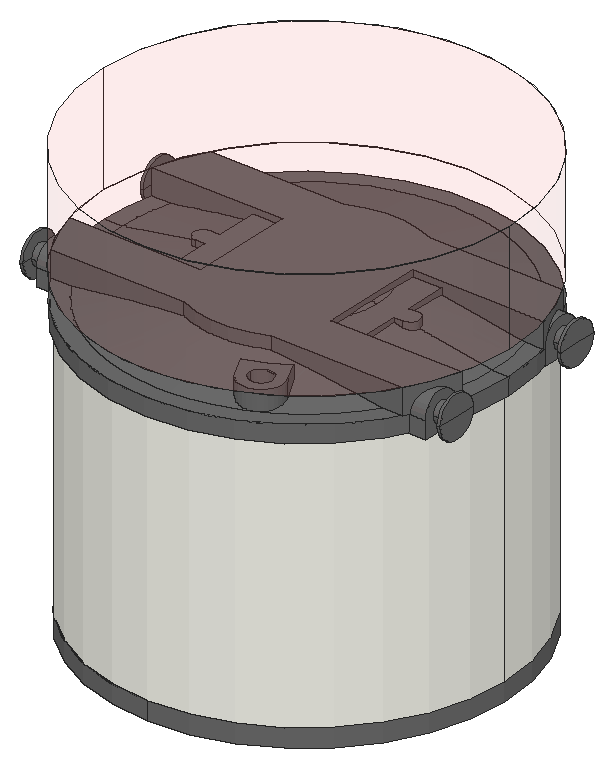
Revit family
Parameters (values of type "1098C4F")
  Watermarked By = "http://revitwatermark.com"
  Water_Ice Tank Volume = "980 Gallons"
  Warning = "Ice tanks are a component in an ice storage system including chillers, pumps, and controls. Contact CALMAC for IceBank® selection support to make sure all system components will work together properly."
  URL = "http://www.calmac.com/"
  Total Cooling Capacity [instance] = 0.0 ton
  Tank Net Usable Capacity = "98 Ton-Hrs"
  Product Page URL = "http://www.calmac.com/products/icebank.asp"
  Is Tank 1 Front Right Connector Visible = not(CTRL Off)  # yes
  Is Tank 1 Front Left Connector Visible = not(CTRL Off)  # yes
  Is Tank 1 Back Right Connector Visible = not(CTRL Off)  # yes
  Is Tank 1 Back Left Connector Visible = not(CTRL Off)  # yes
  Surface Finish = Plastic- Calmac- Black
  Supply Coolant Temperature [instance] = -459.67 °F
  Storage Inlet Temperature [instance] = 60 °F
  Shipping Weight = 1275.00 lbf
  Return Coolant Temperature [instance] = -459.67 °F
  Requires Plate Heat Exchanger [instance] = no
  Project/Customer = ""
  Product Documentation Link = "http://www.calmac.com/products/documents/CS-65Model1098C4FAug2007.pdf"
  Pressure Drop [instance] = 0.00 psi
  Precool Hours [instance] = 0
  Pipe Material = Plastic- Calmac- Black
  Operating Weight = 10235.00 lbf
  Occupied Hours [instance] = 0
  Model = "1098C"
  Maximum Operating Temperature = "38°C"
  Maximum Operating Pressure = "620 kPa"
  Manufacturer e-mail = "info@Calmac.com"
  Manufacturer Contact Details = "CALMAC Manufacturing Corporation Headquarters, 3-00 Banta Place, Fair Lawn, NJ  07410, Tel: (201) 797-1511, Fax: (201) 797-1522"
  Manufacturer = "CALMAC Manufacturing Corp."  # constant formula
  Main Use [instance] = ""
  Location [instance] = ""
  Lid Type = Cooling_Plant_Accessories-Calmac-IceBank-Lid_C : Lid-C
  Lid Diameter = 89"  # constant formula
  Leg 4 = 46"  # constant formula
  Leg 1 = 46"  # constant formula
  Latent Cooling Capacity [instance] = 0.0 ton
  Inlet Outlet Center Height = 64"  # constant formula
  Heat Exchanger Volume = "90 Gallons"
  Has Rigging Bar [instance] = no
  Has Plate and Frame Heat Exchanger [instance] = no
  Has Ice Inventory Meter [instance] = no
  Has Heat Transfer Fluid [instance] = no
  Has Glycol Management System [instance] = no
  Floor Loading Weight = "237 lb/sq.ft."
  Factory Tested Pressure = "1724 kPa"
  Diversity Factor [instance] = 0
  Discharge Rate [instance] = 0
  Discharge Hours [instance] = 0
  Description = "Off-Peak Cooling System"
  Is Clearance Box Visible [instance] = yes
  Clearance Box Height = 24"  # constant formula
  City/State [instance] = ""
  CTRL On = yes
  CTRL Off = not(CTRL On)  # no
  CTRL Hydronic Supply Description = "Hydronic Supply"  # constant formula
  CTRL Hydronic Return Description = "Hydronic Return"  # constant formula
  CTRL Base Radius = 43 31/64"
  Body Material = Plastic- Calmac- Off_White
  Has Solid Base [instance] = yes
  Base Height = Inlet Outlet Center Height - 3 3/4"  # 60 1/4"
  Base Finish = Plastic- Calmac- Black
  Assembly Code = "D3030300"
  Actual Chilled Water Flow [instance] = 0 GPM
Reference planes (in)
  plane 1 "Center (Front/Back)": y = 0
  plane 2 "Bottom": z = 0
  plane 3 "Center (Left/Right)": x = 0
  plane 4 "T.O. Base": z = 60.25
  plane 5 "Inlet/Outlet Center (Elevation)": z = 64
  plane 6 "Right Connector Face": x = 46
  plane 7 "Left Connector Face": x = -46
  plane 8 "T.O. Lid": z = 69.5
  plane 9 "Top": z = 93.5
  plane 10 "Front Connector Center (F/B)": y = -16.5
  plane 11 "Back Connector Center (F/B)": y = 16.5
  plane 12 "Back": y = 44.5
  plane 13 "Front": y = -44.5
Dimensions and locks (in)
  locked: plane 5 "Inlet/Outlet Center (Elevation)" to plane 4 "T.O. Base" at 3.75
  "Inlet Outlet Center Height": plane 5 "Inlet/Outlet Center (Elevation)" to plane 2 "Bottom"
  "Leg 1": plane 3 "Center (Left/Right)" to plane 6 "Right Connector Face"
  "Leg 4": plane 7 "Left Connector Face" to plane 3 "Center (Left/Right)"
  locked: plane 8 "T.O. Lid" to plane 5 "Inlet/Outlet Center (Elevation)" at 5.5
  locked: plane 1 "Center (Front/Back)" to plane 11 "Back Connector Center (F/B)" at 16.5
  locked: plane 10 "Front Connector Center (F/B)" to plane 1 "Center (Front/Back)" at 16.5
  locked: plane 1 "Center (Front/Back)" to plane 12 "Back" at 44.5
  locked: plane 13 "Front" to plane 1 "Center (Front/Back)" at 44.5
  "Clearance Box Height": plane 9 "Top" to plane 8 "T.O. Lid"
  plane 7 "Left Connector Face" to plane 6 "Right Connector Face" = 92"
  plane 13 "Front" to plane 12 "Back" = 89"
  aligned and locked: plane 1 "Center (Front/Back)" to nested 1
  aligned and locked: plane 3 "Center (Left/Right)" to nested 1
  aligned and locked: plane 3 "Center (Left/Right)" to nested 2
  aligned and locked: plane 1 "Center (Front/Back)" to nested 2
  aligned and locked: plane 4 "T.O. Base" to nested 2
  aligned and locked: plane 2 "Bottom" to nested 1
Nested families (in)
  nested 1: "Cooling_Plant_Accessories-Calmac-IceBank-Base" at (0, 0, 0), type "Base"
    with Is Symbolic Line Visible no, Has Solid Base yes, CTRL Inner Wall Radius 42 39/64", CTRL Base Radius 43 31/64", Base Height 60 1/4"
  nested 2: "Cooling_Plant_Accessories-Calmac-IceBank-Lid_C" at (0, 0, 60.25), type <- "Lid Type", Is Front Right  Flanged Connector Visibility <- "Is Tank 1 Front Right Connector Visible", Is Front Left  Flanged Connector Visibility <- "Is Tank 1 Front Left Connector Visible", Is Clearance Box Visible <- "Is Clearance Box Visible", Is Back Right Flanged Connector Visibility <- "Is Tank 1 Back Right Connector Visible", Is Back Left  Flanged Connector Visibility <- "Is Tank 1 Back Left Connector Visible", Diameter <- "Lid Diameter", Clearance Box Height <- "Clearance Box Height", type "Lid-C"
    with Is Front Right  Flanged Connector Visibility yes, Is Front Left  Flanged Connector Visibility yes, Is Clearance Box Visible yes, Is Back Right Flanged Connector Visibility yes, Is Back Left  Flanged Connector Visibility yes, Diameter 89", Clearance Box Height 24", CTRL Radius 44 1/2"
Connectors (in)
  piping at (46.0007, -16.5, 64), driven by "CTRL Hydronic Return Description", driven by "Actual Chilled Water Flow"
    settings: on nested 2, index 2, connector radius 2", flow factor 0, pipe flow 0 GPM, pressure drop 0.00 psi, fitting loss kfactor 0, connector angle 0.00°, fixture units 0, flow configuration 0, flow direction 1, fitting loss method 0, system type 8, connector reference index -1, connector utility 0, adjustable connector no, is connector primary yes, fitting loss table "", connector description "Hydronic Return"
  piping at (46.0007, 16.5, 64), driven by "CTRL Hydronic Supply Description", driven by "Actual Chilled Water Flow"
    settings: on nested 2, index 3, connector radius 2", flow factor 0, pipe flow 0 GPM, pressure drop 0.00 psi, fitting loss kfactor 0, connector angle 0.00°, fixture units 0, flow configuration 0, flow direction 2, fitting loss method 0, system type 7, connector reference index -1, connector utility 0, adjustable connector no, is connector primary no, fitting loss table "", connector description "Hydronic Supply"
  piping at (-46.0007, 16.5, 64)
    settings: on nested 2, index 4, connector radius 2", flow factor 0, pipe flow 0 GPM, pressure drop 0.00 psi, fitting loss kfactor 0, connector angle 0.00°, fixture units 0, flow configuration 0, flow direction 0, fitting loss method 0, system type 7, connector reference index -1, connector utility 0, adjustable connector no, is connector primary no, fitting loss table "", connector description ""
  piping at (-46.0007, -16.5, 64)
    settings: on nested 2, index 5, connector radius 2", flow factor 0, pipe flow 0 GPM, pressure drop 0.00 psi, fitting loss kfactor 0, connector angle 0.00°, fixture units 0, flow configuration 0, flow direction 0, fitting loss method 0, system type 7, connector reference index -1, connector utility 0, adjustable connector no, is connector primary no, fitting loss table "", connector description ""
Definition of nested family "Cooling_Plant_Accessories-Calmac-IceBank-Base"
  Parameters (values of type "Base")
    Wall Thickness = 7/8"
    URL = "http://www.calmac.com/"
    Type Comments = ""
    Is Symbolic Line Visible = not(Has Solid Base)  # yes
    Has Solid Base = no
    Model = ""
    Manufacturer = "CALMAC Manufacturing Corp."  # constant formula
    CTRL Inner Wall Radius = CTRL Base Radius - Wall Thickness  # 36"
    CTRL Base Radius = 36 7/8"
    Body Material = Plastic- Calmac- Off_White
    Base Height = 43 5/16"
    Base Finish = Plastic- Calmac- Black
    Assembly Code = "D3030"
  Reference planes (in)
    plane 1 "Center (Front/Back)": y = 0
    plane 2 "Bottom": z = 0
    plane 3 "Center (Left/Right)": x = 0
    plane 4 "Back": y = 36.875
    plane 5 "Front": y = -36.875
    plane 6 "Right": x = 36.875
    plane 7 "Left": x = -36.875
    plane 8 "T.O. Base Plate": z = 4
    plane 9 "Right Edge of Right Void": x = 24.125
    plane 10 "Left Edge of Right Void": x = 13.125
    plane 11 "Left Edge of Left Void": x = -24.125
    plane 12 "Right Edge of Left Void": x = -13.125
    plane 13 "T.O. Base Void": z = 2
    plane 14 "T.O. Base": z = 43.3125
  Forms (in)
    Extrusion 1, solid, material "Plastic- Calmac- Black" <- "Base Finish", visible <- "Is Symbolic Line Visible", detail levels fine
      sketch origin (0, 0, 0) x (1, 0, 0) y (0, 1, 0)
        loop
          circle (0, 0) r 36.875
      from 0 to 4
    Extrusion 2, void
      sketch origin (0, 0, 0) x (1, 0, 0) y (0, 1, 0)
        loop
          line (-24.125, 36.875) -> (-24.125, -36.875) -> (-13.125, -36.875) -> (-13.125, 36.875) -> (-24.125, 36.875)
        loop
          line (13.125, 36.875) -> (13.125, -36.875) -> (24.125, -36.875) -> (24.125, 36.875) -> (13.125, 36.875)
      from 0 to 2
    Extrusion 3, solid, material "Plastic- Calmac- Off_White" <- "Body Material", detail levels fine
      sketch origin (0, 0, 0) x (1, 0, 0) y (0, 1, 0)
        loop
          circle (0, 0) r 36.875
        loop
          circle (0, 0) r 36
      from 4 to 43.3125
    Extrusion 4, solid, material "Plastic- Calmac- Black" <- "Base Finish", visible <- "Has Solid Base", detail levels fine
      sketch origin (0, 0, 43.3125) x (0, -1, 0) y (1, 0, 0)
        loop
          circle (0, 0) r 36.875
      from -43.3125 to -39.3125
  Cuts and joins
    Extrusion 2 cuts Extrusion 3
    Extrusion 2 cuts Extrusion 1
  Lines and regions (in)
    Masking region 1
      outline origin (0, 0, 0) x (1, 0, 0) y (0, 1, 0)
        loop
          circle (0, 0) r 36.875
    Masking region 2
      outline origin (0, 0, 0) x (1, 0, 0) y (0, 0, 1)
        loop
          line (-36.875, 0) -> (36.875, 0) -> (36.875, 43.3125) -> (-36.875, 43.3125) -> (-36.875, 0)
    Masking region 3
      outline origin (0, 0, 0) x (0, 1, 0) y (0, 0, 1)
        loop
          line (-36.875, 0) -> (36.875, 0) -> (36.875, 43.3125) -> (-36.875, 43.3125) -> (-36.875, 0)
    symbolic lines, style "Base", detail levels medium+fine
      curve 1: line (-36.875, 0, 4) -> (36.875, 0, 4)
      curve 8: line (0, -36.875, 4) -> (0, 36.875, 4)
    symbolic lines, style "Base", visible <- "Is Symbolic Line Visible", detail levels medium+fine
      curve 2: line (-24.125, 0, 0) -> (-24.125, 0, 2)
      curve 3: line (-24.125, 0, 2) -> (-13.125, 0, 2)
      curve 4: line (13.125, 0, 2) -> (24.125, 0, 2)
      curve 5: line (13.125, 0, 0) -> (13.125, 0, 2)
      curve 6: line (24.125, 0, 0) -> (24.125, 0, 2)
      curve 7: line (-13.125, 0, 0) -> (-13.125, 0, 2)
    model lines, style "Base", detail levels medium
      curve 9: circle (0, 0, 43.3125) r 36.875 normal (0, 0, 1)
      curve 10: circle (0, 0, 4) r 36.875 normal (0, 0, 1)
      curve 11: circle (0, 0, 0) r 36.875 normal (0, 0, 1)
      curve 12: line (36.875, 0, 0) -> (36.875, 0, 43.3125)
      curve 13: line (-36.875, 0, 0) -> (-36.875, 0, 43.3125)
      curve 14: line (0, -36.875, 0) -> (0, -36.875, 43.3125)
      curve 15: line (0, 36.875, 0) -> (0, 36.875, 43.3125)
    model lines, style "Base", detail levels coarse
      curve 16: line (0, 0, 0) -> (0, 0, 43.3125)
  Dimensions and locks (in)
    locked: plane 7 "Left" to plane 11 "Left Edge of Left Void" at 12.75
    locked: plane 7 "Left" to plane 12 "Right Edge of Left Void" at 23.75
    locked: plane 9 "Right Edge of Right Void" to plane 6 "Right" at 12.75
    locked: plane 10 "Left Edge of Right Void" to plane 6 "Right" at 23.75
    "CTRL Base Radius": plane 7 "Left" to plane 3 "Center (Left/Right)"
    "CTRL Base Radius": plane 3 "Center (Left/Right)" to plane 6 "Right"
    "CTRL Base Radius": plane 1 "Center (Front/Back)" to plane 4 "Back"
    "CTRL Base Radius": plane 5 "Front" to plane 1 "Center (Front/Back)"
    locked: plane 8 "T.O. Base Plate" to plane 2 "Bottom" at 4
    "Base Height": plane 14 "T.O. Base" to plane 2 "Bottom"
    locked: plane 13 "T.O. Base Void" to plane 2 "Bottom" at 2
    "CTRL Base Radius": radius of Extrusion 1 sketch curve
    "CTRL Base Radius": radius of Extrusion 3 sketch curve
    "CTRL Inner Wall Radius": radius of Extrusion 3 sketch curve
    "CTRL Base Radius": radius of Masking region 1 sketch curve
    "CTRL Base Radius": radius of curve 9
    "CTRL Base Radius": radius of curve 10
    "CTRL Base Radius": radius of curve 11
    "CTRL Base Radius": radius of Extrusion 4 sketch curve
    aligned and locked: plane 3 "Center (Left/Right)" to Extrusion 1 sketch curve
    aligned and locked: plane 1 "Center (Front/Back)" to Extrusion 1 sketch curve
    aligned and locked: Extrusion 1 to plane 2 "Bottom"
    aligned and locked: plane 8 "T.O. Base Plate" to Extrusion 1
    aligned and locked: plane 2 "Bottom" to Extrusion 1
    aligned and locked: Extrusion 2 sketch curve to plane 4 "Back"  (x2)
    aligned and locked: Extrusion 2 sketch curve to plane 12 "Right Edge of Left Void"
    aligned and locked: plane 11 "Left Edge of Left Void" to Extrusion 2 sketch curve
    aligned and locked: Extrusion 2 sketch curve to plane 5 "Front"  (x2)
    aligned and locked: Extrusion 2 sketch curve to plane 10 "Left Edge of Right Void"
    aligned and locked: Extrusion 2 sketch curve to plane 9 "Right Edge of Right Void"
    aligned and locked: plane 13 "T.O. Base Void" to Extrusion 2
    aligned and locked: Extrusion 2 to plane 2 "Bottom"
    aligned and locked: Extrusion 2 to plane 5 "Front"
    aligned and locked: plane 4 "Back" to Extrusion 2
    aligned and locked: Extrusion 2 to plane 13 "T.O. Base Void"  (x2)
    aligned and locked: plane 11 "Left Edge of Left Void" to Extrusion 2
    aligned and locked: plane 2 "Bottom" to Extrusion 2  (x2)
    aligned and locked: Extrusion 2 to plane 12 "Right Edge of Left Void"
    aligned and locked: plane 10 "Left Edge of Right Void" to Extrusion 2
    aligned and locked: Extrusion 2 to plane 9 "Right Edge of Right Void"
    aligned and locked: plane 3 "Center (Left/Right)" to Extrusion 3 sketch curve  (x2)
    aligned and locked: plane 1 "Center (Front/Back)" to Extrusion 3 sketch curve  (x2)
    aligned and locked: Extrusion 3 to plane 8 "T.O. Base Plate"
    aligned and locked: plane 14 "T.O. Base" to Extrusion 3
    aligned and locked: plane 3 "Center (Left/Right)" to Masking region 1 sketch curve
    aligned and locked: plane 1 "Center (Front/Back)" to Masking region 1 sketch curve
    aligned and locked: Masking region 2 sketch curve to plane 14 "T.O. Base"
    aligned and locked: plane 6 "Right" to Masking region 2 sketch curve
    aligned and locked: plane 2 "Bottom" to Masking region 2 sketch curve
    aligned and locked: Masking region 2 sketch curve to plane 7 "Left"
    aligned and locked: plane 7 "Left" to curve 1
    aligned and locked: plane 6 "Right" to curve 1
    aligned and locked: curve 1 to plane 8 "T.O. Base Plate"
    aligned and locked: plane 11 "Left Edge of Left Void" to curve 3
    aligned and locked: plane 12 "Right Edge of Left Void" to curve 3
    aligned and locked: curve 3 to plane 13 "T.O. Base Void"
    aligned and locked: plane 2 "Bottom" to curve 2
    aligned and locked: curve 2 to plane 11 "Left Edge of Left Void"
    aligned and locked: plane 10 "Left Edge of Right Void" to curve 4
    aligned and locked: plane 9 "Right Edge of Right Void" to curve 4
    aligned and locked: plane 13 "T.O. Base Void" to curve 5
    aligned and locked: plane 13 "T.O. Base Void" to curve 6
    aligned and locked: plane 2 "Bottom" to curve 5
    aligned and locked: curve 5 to plane 10 "Left Edge of Right Void"
    aligned and locked: curve 6 to plane 9 "Right Edge of Right Void"
    aligned and locked: plane 13 "T.O. Base Void" to curve 7
    aligned and locked: plane 2 "Bottom" to curve 7
    aligned and locked: curve 7 to plane 12 "Right Edge of Left Void"
    aligned and locked: plane 5 "Front" to Masking region 3 sketch curve
    aligned and locked: plane 14 "T.O. Base" to Masking region 3 sketch curve
    aligned and locked: Masking region 3 sketch curve to plane 4 "Back"
    aligned and locked: plane 2 "Bottom" to Masking region 3 sketch curve
    aligned and locked: plane 4 "Back" to curve 8
    aligned and locked: plane 5 "Front" to curve 8
    aligned and locked: curve 8 to plane 8 "T.O. Base Plate"
    aligned and locked: plane 3 "Center (Left/Right)" to curve 9
    aligned and locked: plane 1 "Center (Front/Back)" to curve 9
    aligned and locked: curve 9 to plane 14 "T.O. Base"
    aligned and locked: curve 10 to plane 8 "T.O. Base Plate"
    aligned and locked: plane 3 "Center (Left/Right)" to curve 10
    aligned and locked: plane 1 "Center (Front/Back)" to curve 10
    aligned: curve 11 to plane 2 "Bottom"
    aligned and locked: plane 3 "Center (Left/Right)" to curve 11
    aligned and locked: plane 1 "Center (Front/Back)" to curve 11
    aligned and locked: plane 14 "T.O. Base" to curve 12
    aligned and locked: plane 14 "T.O. Base" to curve 13
    aligned and locked: plane 2 "Bottom" to curve 12
    aligned and locked: plane 2 "Bottom" to curve 13
    aligned and locked: curve 12 to plane 6 "Right"
    aligned and locked: curve 13 to plane 7 "Left"
    aligned and locked: curve 12 to plane 1 "Center (Front/Back)"
    aligned and locked: curve 13 to plane 1 "Center (Front/Back)"
    aligned and locked: plane 14 "T.O. Base" to curve 14
    aligned and locked: plane 14 "T.O. Base" to curve 15
    aligned and locked: plane 2 "Bottom" to curve 14
    aligned and locked: plane 2 "Bottom" to curve 15
    aligned and locked: plane 4 "Back" to curve 15
    aligned and locked: plane 5 "Front" to curve 14
    aligned and locked: plane 3 "Center (Left/Right)" to curve 14
    aligned and locked: plane 3 "Center (Left/Right)" to curve 15
    aligned and locked: plane 14 "T.O. Base" to curve 16
    aligned and locked: plane 2 "Bottom" to curve 16
    aligned and locked: plane 3 "Center (Left/Right)" to curve 16
    aligned and locked: curve 16 to plane 1 "Center (Front/Back)"
    aligned and locked: plane 1 "Center (Front/Back)" to Extrusion 4 sketch curve
    aligned and locked: plane 3 "Center (Left/Right)" to Extrusion 4 sketch curve
    aligned and locked: plane 8 "T.O. Base Plate" to Extrusion 4
    aligned and locked: Extrusion 4 to plane 2 "Bottom"
  Automatic sketch dimensions
    curve 6 to level = 0"
Definition of nested family "Cooling_Plant_Accessories-Calmac-IceBank-Lid_C"
  Parameters (values of type "Lid-C")
    Surface Finish = Plastic- Calmac- Black
    Pipe Material = Plastic- Calmac- Black
    Is Front Right  Flanged Connector Visibility [instance] = yes
    Is Front Left  Flanged Connector Visibility [instance] = yes
    Diameter [instance] = 88 5/8"
    Is Clearance Box Visible [instance] = yes
    Clearance Box Height [instance] = 36"
    CTRL Radius [instance] = Diameter / 2  # 44 5/16"
    Is Back Right Flanged Connector Visibility [instance] = yes
    Is Back Left  Flanged Connector Visibility [instance] = yes
  Reference planes (in)
    plane 1 "Center (Front/Back)": y = 0
    plane 2 "Bottom": z = 0
    plane 3 "Center (Left/Right)": x = 0
    plane 4 "Back": y = 44.315
    plane 5 "Back Connector Back": y = 20.75
    plane 6 "Back Connector Center": y = 16.5
    plane 7 "Back Connector Front": y = 12.25
    plane 8 "Piping Back": y = 21.88647
    plane 9 "Rigging Back": y = 11.25
    plane 10 "Rigging Loop Back": y = 2
    plane 11 "Top Back Edge": y = 24
    plane 12 "Back Inset": y = 40.5
    plane 13 "Back Bolt Front": y = 41.313
    plane 14 "Front": y = -44.315
    plane 15 "Front Connection Front": y = -20.75
    plane 16 "Fron Connector Center": y = -16.5
    plane 17 "Front Connector Back": y = -12.25
    plane 18 "Piping Front": y = -21.88647
    plane 19 "Rigging Front": y = -11.25
    plane 20 "Rigging Loop Front": y = -2
    plane 21 "Top Front Edge": y = -24
    plane 22 "Front Inset": y = -40.5
    plane 23 "Pad Eye Back Right": y = -25.81593
    plane 24 "Pad Eye Back Left Offset": y = -29.90257
    plane 25 "Pad Eye Hole": y = -34.65277
    plane 26 "Pad Eye Back Left": y = -29.72849
    plane 27 "Pad Eye Front Center": y = -36.16371
    plane 28 "Left Connection": x = -44.04297
    plane 29 "Left": x = -44.31273
    plane 30 "Left Lip Inset": x = -40.49773
    plane 31 "Left Rigging Loop Left": x = -24.67173
    plane 32 "Left Rigging Loop Inset": x = -21.42181
    plane 33 "Left Rigging Loop Right": x = -20.67011
    plane 34 "Left Rigging Right": x = -14.19546
    plane 35 "Top Left": x = -9.54335
    plane 36 "Right Connection": x = 44.04297
    plane 37 "Right": x = 44.31273
    plane 38 "Lid Inset Right": x = 40.49773
    plane 39 "Right Rigging Loop Right": x = 24.67173
    plane 40 "Right Rigging Loop Inset": x = 21.42181
    plane 41 "Right Rigging Loop Left": x = 20.67011
    plane 42 "Right Rigging Left": x = 14.19546
    plane 43 "Top Right": x = 9.54335
    plane 44 "Connection Sleeve Left": x = -42.58273
    plane 45 "Connection Sleeve Right": x = 42.58273
    plane 46 "Right Center": x = 17.8202
    plane 47 "Bolt Inset Right": x = 1.00017
    plane 48 "Bolt Inset Left": x = -1.00017
    plane 49 "Bolt Inset Center": y = 42.31422
    plane 50 "Top Left Inset": x = -38.53052
    plane 51 "Top Right Inset": x = 38.53052
    plane 52 "Right Side Chanel": x = 42.86089
    plane 53 "Left Side Channel": x = -42.86089
    plane 54 "Top of Clearance Box": z = 45.25
    plane 55 "Top": z = 9.25
    plane 56 "Connector Channel Top": z = 8
    plane 57 "Center (Elevation)": z = 3.75
    plane 58 "Front Inset 2": y = -36.85443
    plane 59 "Flange Left": x = -46.0007
    plane 60 "Flange Right": x = 46.0007
  Forms (in)
    Revolve 1, solid, material "Plastic- Calmac- Black" <- "Surface Finish", detail levels fine
      sketch origin (0, 0, 0) x (1, 0, 0) y (0, 0, 1)
        loop
          line (0, 9) -> (0, 0) -> (44.31273, 0) -> (44.31273, 3.75) -> (40.49773, 3.75) -> (9.54335, 9) -> (0, 9)
        axis (0, 9) -> (0, 0)
      angle from 0 to 360
    Extrusion 2, solid, material "Plastic- Calmac- Black" <- "Surface Finish", detail levels fine
      sketch origin (0, 0, 0) x (1, 0, 0) y (0, 1, 0)
        loop
          arc (-38.53052, 21.88647) -> (-41.04173, 16.70911) -> (-42.86089, 11.25) r 44.31273
          line (-42.86089, 11.25) -> (-14.19546, 11.25) -> (-14.19546, -11.25) -> (-42.86089, -11.25)
          arc (-42.86089, -11.25) -> (-41.04173, -16.70911) -> (-38.53052, -21.88647) r 44.31273
          line (-38.53052, -21.88647) -> (-9.54335, -21.88647)
          arc (-9.54335, -21.88647) -> (0, -24) -> (9.54335, -21.88647) r 22.60261
          line (9.54335, -21.88647) -> (38.53052, -21.88647)
          arc (38.53052, -21.88647) -> (41.04173, -16.70911) -> (42.86089, -11.25) r 44.31273
          line (42.86089, -11.25) -> (14.19546, -11.25) -> (14.19546, 11.25) -> (42.86089, 11.25)
          arc (42.86089, 11.25) -> (41.04173, 16.70911) -> (38.53052, 21.88647) r 44.31273
          line (38.53052, 21.88647) -> (9.54335, 21.88647)
          arc (9.54335, 21.88647) -> (0, 24) -> (-9.54335, 21.88647) r 22.60261
          line (-9.54335, 21.88647) -> (-38.53052, 21.88647)
      from 3.75 to 9.25
    Extrusion 3, solid, material "Plastic- Calmac- Black" <- "Surface Finish", detail levels fine
      sketch origin (0, 0, 0) x (0, 1, 0) y (0, 0, 1)
        loop
          arc (20.75, 3.75) -> (16.5, 8) -> (12.25, 3.75) r 4.25
          line (12.25, 3.75) -> (12.25, 0) -> (20.75, 0) -> (20.75, 3.75)
        loop
          arc (-12.25, 3.75) -> (-16.5, 8) -> (-20.75, 3.75) r 4.25
          line (-20.75, 3.75) -> (-20.75, 0) -> (-12.25, 0) -> (-12.25, 3.75)
      from -42.58273 to 42.58273
    Extrusion 4, solid, material "Plastic- Calmac- Black" <- "Surface Finish", detail levels fine
      sketch origin (0, 0, 0) x (1, 0, 0) y (0, 1, 0)
        loop
          circle (15.75299, -32.19443) r 2.46875
        loop
          arc (17.70624, -25.58301) -> (13.67455, -27.9461) -> (9.33437, -29.67863) r 31.11
          line (9.33437, -29.67863) -> (11.56709, -34.24232)
          arc (11.56709, -34.24232) -> (17.80089, -36.38032) -> (19.93889, -30.14653) r 4.66
          line (19.93889, -30.14653) -> (17.70624, -25.58301)
      from 3.75 to 8
    Extrusion 5, solid, material "Plastic- Calmac- Black" <- "Surface Finish", detail levels fine
      sketch origin (0, 0, 0) x (1, 0, 0) y (0, 1, 0)
        loop
          line (-20.67011, 11.25) -> (-20.67011, 2) -> (-22.67173, 2)
          arc (-22.67173, 2) -> (-24.67173, 0) -> (-22.67173, -2) r 2
          line (-22.67173, -2) -> (-20.67011, -2) -> (-20.67011, -11.25) -> (-14.19546, -11.25) -> (-14.19546, 11.25) -> (-20.67011, 11.25)
        loop
          line (20.67011, 2) -> (20.67011, 11.25) -> (14.19546, 11.25) -> (14.19546, -11.25) -> (20.67011, -11.25) -> (20.67011, -2) -> (22.67548, -2)
          arc (22.67548, -2) -> (24.67548, 0) -> (22.67548, 2) r 2
          line (22.67548, 2) -> (20.67011, 2)
      from 3.75 to 8
  Cuts and joins
    joined: Revolve 1, Extrusion 2, Extrusion 4, Extrusion 5
  Lines and regions (in)
    Masking region 1
      outline origin (0, 0, 0) x (1, 0, 0) y (0, 0, 1)
        loop
          line (-44.31273, 9.25) -> (-44.31273, 0) -> (44.31273, 0) -> (44.31273, 9.25) -> (-44.31273, 9.25)
    Masking region 2
      outline origin (0, 0, 0) x (0, 1, 0) y (0, 0, 1)
        loop
          line (44.315, 3.75) -> (40.5, 3.75) -> (24, 6.54801) -> (24, 9.25) -> (-24, 9.25) -> (-24, 6.54801) -> (-25.58301, 6.26888) -> (-25.58301, 8) -> (-36.85443, 8) -> (-36.85443, 4.39281) -> (-40.5, 3.75) -> (-44.315, 3.75) -> (-44.315, 0) -> (44.315, 0) -> (44.315, 3.75)
    Masking region 3
      outline origin (0, 0, 3.75) x (-1, 0, 0) y (0, -1, 0)
        loop
          arc (-44.31273, 0) -> (-43.8781, -6.19116) -> (-42.58273, -12.26088) r 44.31273
          line (-42.58273, -12.26088) -> (-42.58273, -20.75) -> (-39.15426, -20.75)
          arc (-39.15426, -20.75) -> (0, -44.31273) -> (39.15426, -20.75) r 44.31273
          line (39.15426, -20.75) -> (42.58273, -20.75) -> (42.58273, -12.26088)
          arc (42.58273, -12.26088) -> (43.8781, -6.19116) -> (44.31273, 0) r 44.31273
          arc (44.31273, 0) -> (43.8781, 6.19116) -> (42.58273, 12.26088) r 44.31273
          line (42.58273, 12.26088) -> (42.58273, 20.75) -> (39.15426, 20.75)
          arc (39.15426, 20.75) -> (0, 44.31273) -> (-39.15426, 20.75) r 44.31273
          line (-39.15426, 20.75) -> (-42.58273, 20.75) -> (-42.58273, 12.26088)
          arc (-42.58273, 12.26088) -> (-43.8781, 6.19116) -> (-44.31273, 0) r 44.31273
    symbolic lines, detail levels fine
      curve 1: line (1.00017, 44.315, 3.75) -> (1.00017, 42.31422, 3.75)
      curve 2: line (-1.00017, 44.315, 3.75) -> (-1.00017, 42.31422, 3.75)
      curve 3: arc (-1.00017, 42.31422, 3.75) -> (0, 41.31405, 3.75) -> (1.00017, 42.31422, 3.75) r 1.00017
      curve 4: line (10.83611, 42.98137, 3.75) -> (10.39089, 41.03076, 3.75)
      curve 5: line (8.88592, 43.42649, 3.75) -> (8.44071, 41.47588, 3.75)
      curve 6: arc (8.44071, 41.47588, 3.75) -> (9.19324, 40.27822, 3.75) -> (10.39089, 41.03076, 3.75) r 1.00017
      curve 7: line (-8.88592, 43.42649, 3.75) -> (-8.44071, 41.47588, 3.75)
      curve 8: line (-10.83611, 42.98137, 3.75) -> (-10.39089, 41.03076, 3.75)
      curve 9: arc (-10.39089, 41.03076, 3.75) -> (-9.19324, 40.27822, 3.75) -> (-8.44071, 41.47588, 3.75) r 1.00017
      curve 10: line (-18.32644, 40.36039, 3.75) -> (-17.45833, 38.55775, 3.75)
      curve 11: line (-20.12868, 39.49248, 3.75) -> (-19.26058, 37.68984, 3.75)
      curve 12: arc (-19.26058, 37.68984, 3.75) -> (-17.9255, 37.22267, 3.75) -> (-17.45833, 38.55775, 3.75) r 1.00017
      curve 13: line (-26.84799, 35.27046, 3.75) -> (-25.60052, 33.70619, 3.75)
      curve 14: line (-28.41192, 34.02327, 3.75) -> (-27.16445, 32.45899, 3.75)
      curve 15: arc (-27.16445, 32.45899, 3.75) -> (-25.75889, 32.30063, 3.75) -> (-25.60052, 33.70619, 3.75) r 1.00017
      curve 16: line (-34.02327, 28.41192, 3.75) -> (-32.45899, 27.16445, 3.75)
      curve 17: line (-35.27046, 26.84799, 3.75) -> (-33.70619, 25.60052, 3.75)
      curve 18: arc (-33.70619, 25.60052, 3.75) -> (-32.30063, 25.75889, 3.75) -> (-32.45899, 27.16445, 3.75) r 1.00017
      curve 19: line (-42.98137, 10.83611, 3.75) -> (-41.03076, 10.39089, 3.75)
      curve 20: line (-43.42649, 8.88592, 3.75) -> (-41.47588, 8.44071, 3.75)
      curve 21: arc (-41.47588, 8.44071, 3.75) -> (-40.27822, 9.19324, 3.75) -> (-41.03076, 10.39089, 3.75) r 1.00017
      curve 22: line (-44.315, 1.00017, 3.75) -> (-42.31422, 1.00017, 3.75)
      curve 23: line (-44.315, -1.00017, 3.75) -> (-42.31422, -1.00017, 3.75)
      curve 24: arc (-42.31422, -1.00017, 3.75) -> (-41.31405, 0, 3.75) -> (-42.31422, 1.00017, 3.75) r 1.00017
      curve 25: line (-43.42649, -8.88592, 3.75) -> (-41.47588, -8.44071, 3.75)
      curve 26: line (-42.98137, -10.83611, 3.75) -> (-41.03076, -10.39089, 3.75)
      curve 27: arc (-41.03076, -10.39089, 3.75) -> (-40.27822, -9.19324, 3.75) -> (-41.47588, -8.44071, 3.75) r 1.00017
      curve 28: line (-35.27046, -26.84799, 3.75) -> (-33.70619, -25.60052, 3.75)
      curve 29: line (-34.02327, -28.41192, 3.75) -> (-32.45899, -27.16445, 3.75)
      curve 30: arc (-32.45899, -27.16445, 3.75) -> (-32.30063, -25.75889, 3.75) -> (-33.70619, -25.60052, 3.75) r 1.00017
      curve 31: line (-28.41192, -34.02327, 3.75) -> (-27.16445, -32.45899, 3.75)
      curve 32: line (-26.84799, -35.27046, 3.75) -> (-25.60052, -33.70619, 3.75)
      curve 33: arc (-25.60052, -33.70619, 3.75) -> (-25.75889, -32.30063, 3.75) -> (-27.16445, -32.45899, 3.75) r 1.00017
      curve 34: line (-20.12868, -39.49248, 3.75) -> (-19.26058, -37.68984, 3.75)
      curve 35: line (-18.32644, -40.36039, 3.75) -> (-17.45833, -38.55775, 3.75)
      curve 36: arc (-17.45833, -38.55775, 3.75) -> (-17.9255, -37.22267, 3.75) -> (-19.26058, -37.68984, 3.75) r 1.00017
      curve 37: line (-10.83611, -42.98137, 3.75) -> (-10.39089, -41.03076, 3.75)
      curve 38: line (-8.88592, -43.42649, 3.75) -> (-8.44071, -41.47588, 3.75)
      curve 39: arc (-8.44071, -41.47588, 3.75) -> (-9.19324, -40.27822, 3.75) -> (-10.39089, -41.03076, 3.75) r 1.00017
      curve 40: line (-1.00017, -44.315, 3.75) -> (-1.00017, -42.31422, 3.75)
      curve 41: line (1.00017, -44.315, 3.75) -> (1.00017, -42.31422, 3.75)
      curve 42: arc (1.00017, -42.31422, 3.75) -> (0, -41.31405, 3.75) -> (-1.00017, -42.31422, 3.75) r 1.00017
      curve 43: line (8.88592, -43.42649, 3.75) -> (8.44071, -41.47588, 3.75)
      curve 44: line (10.83611, -42.98137, 3.75) -> (10.39089, -41.03076, 3.75)
      curve 45: arc (10.39089, -41.03076, 3.75) -> (9.19324, -40.27822, 3.75) -> (8.44071, -41.47588, 3.75) r 1.00017
      curve 46: line (18.32644, -40.36039, 3.75) -> (17.45833, -38.55775, 3.75)
      curve 47: line (20.12868, -39.49248, 3.75) -> (19.26058, -37.68984, 3.75)
      curve 48: arc (19.26058, -37.68984, 3.75) -> (17.9255, -37.22267, 3.75) -> (17.45833, -38.55775, 3.75) r 1.00017
      curve 49: line (26.84799, -35.27046, 3.75) -> (25.60052, -33.70619, 3.75)
      curve 50: line (28.41192, -34.02327, 3.75) -> (27.16445, -32.45899, 3.75)
      curve 51: arc (27.16445, -32.45899, 3.75) -> (25.75889, -32.30063, 3.75) -> (25.60052, -33.70619, 3.75) r 1.00017
      curve 52: line (34.02327, -28.41192, 3.75) -> (32.45899, -27.16445, 3.75)
      curve 53: line (35.27046, -26.84799, 3.75) -> (33.70619, -25.60052, 3.75)
      curve 54: arc (33.70619, -25.60052, 3.75) -> (32.30063, -25.75889, 3.75) -> (32.45899, -27.16445, 3.75) r 1.00017
      curve 55: line (42.98137, -10.83611, 3.75) -> (41.03076, -10.39089, 3.75)
      curve 56: line (43.42649, -8.88592, 3.75) -> (41.47588, -8.44071, 3.75)
      curve 57: arc (41.47588, -8.44071, 3.75) -> (40.27822, -9.19324, 3.75) -> (41.03076, -10.39089, 3.75) r 1.00017
      curve 58: line (44.315, -1.00017, 3.75) -> (42.31422, -1.00017, 3.75)
      curve 59: line (44.315, 1.00017, 3.75) -> (42.31422, 1.00017, 3.75)
      curve 60: arc (42.31422, 1.00017, 3.75) -> (41.31405, 0, 3.75) -> (42.31422, -1.00017, 3.75) r 1.00017
      curve 61: line (43.42649, 8.88592, 3.75) -> (41.47588, 8.44071, 3.75)
      curve 62: line (42.98137, 10.83611, 3.75) -> (41.03076, 10.39089, 3.75)
      curve 63: arc (41.03076, 10.39089, 3.75) -> (40.27822, 9.19324, 3.75) -> (41.47588, 8.44071, 3.75) r 1.00017
      curve 64: line (35.27046, 26.84799, 3.75) -> (33.70619, 25.60052, 3.75)
      curve 65: line (34.02327, 28.41192, 3.75) -> (32.45899, 27.16445, 3.75)
      curve 66: arc (32.45899, 27.16445, 3.75) -> (32.30063, 25.75889, 3.75) -> (33.70619, 25.60052, 3.75) r 1.00017
      curve 67: line (28.41192, 34.02327, 3.75) -> (27.16445, 32.45899, 3.75)
      curve 68: line (26.84799, 35.27046, 3.75) -> (25.60052, 33.70619, 3.75)
      curve 69: arc (25.60052, 33.70619, 3.75) -> (25.75889, 32.30063, 3.75) -> (27.16445, 32.45899, 3.75) r 1.00017
      curve 70: line (20.12868, 39.49248, 3.75) -> (19.26058, 37.68984, 3.75)
      curve 71: line (18.32644, 40.36039, 3.75) -> (17.45833, 38.55775, 3.75)
      curve 72: arc (17.45833, 38.55775, 3.75) -> (17.9255, 37.22267, 3.75) -> (19.26058, 37.68984, 3.75) r 1.00017
    symbolic lines, style "Thermal Energy Storage", detail levels medium+fine
      curve 73: arc (0, 20.75, 3.75) -> (0, 16.5, 8) -> (0, 12.25, 3.75) r 4.25
      curve 74: line (0, 20.75, 0) -> (0, 20.75, 3.75)
      curve 75: line (0, 12.25, 3.75) -> (0, 12.25, 0)
      curve 77: line (0, 21.88647, 3.75) -> (0, 21.88647, 9.25)
      curve 78: line (0, 21.88647, 3.75) -> (0, 40.5, 3.75)
      curve 80: line (0, -11.25, 3.75) -> (0, -11.25, 9.25)
      curve 86: line (0, 11.25, 9.25) -> (0, 11.25, 3.75)
      curve 87: line (0, 11.25, 3.75) -> (0, -11.25, 3.75)
      curve 88: arc (0, -12.25, 3.75) -> (0, -16.5, 8) -> (0, -20.75, 3.75) r 4.25
      curve 89: line (0, -12.25, 0) -> (0, -12.25, 3.75)
      curve 90: line (0, -20.75, 3.75) -> (0, -20.75, 0)
      curve 95: line (0, -21.88647, 9.25) -> (0, -21.88647, 3.75)
      curve 96: line (0, -21.88647, 3.75) -> (0, -40.49773, 3.75)
      curve 98: line (-38.53052, 0, 3.75) -> (38.53052, 0, 3.75)
      curve 100: line (-38.53052, 0, 3.75) -> (-38.53052, 0, 9.25)
      curve 110: line (38.53052, 0, 3.75) -> (38.53052, 0, 9.25)
      curve 121: line (-9.54335, 21.88647, 3.75) -> (-38.53052, 21.88647, 3.75)
      curve 122: arc (-38.53052, 21.88647, 3.75) -> (-41.04173, 16.70911, 3.75) -> (-42.86089, 11.25, 3.75) r 44.31273
      curve 123: line (-42.86089, 11.25, 3.75) -> (-14.19546, 11.25, 3.75)
      curve 124: line (-14.19546, 11.25, 3.75) -> (-14.19546, -11.25, 3.75)
      curve 125: line (-14.19546, -11.25, 3.75) -> (-42.86089, -11.25, 3.75)
      curve 126: arc (-42.86089, -11.25, 3.75) -> (-41.04173, -16.70911, 3.75) -> (-38.53052, -21.88647, 3.75) r 44.31273
      curve 127: line (-38.53052, -21.88647, 3.75) -> (-9.54335, -21.88647, 3.75)
      curve 128: arc (-9.54335, -21.88647, 3.75) -> (0, -24, 3.75) -> (9.54335, -21.88647, 3.75) r 22.60261
      curve 129: line (9.54335, -21.88647, 3.75) -> (38.53052, -21.88647, 3.75)
      curve 130: arc (38.53052, -21.88647, 3.75) -> (41.04173, -16.70911, 3.75) -> (42.86089, -11.25, 3.75) r 44.31273
      curve 131: line (42.86089, -11.25, 3.75) -> (14.19546, -11.25, 3.75)
      curve 132: line (14.19546, -11.25, 3.75) -> (14.19546, 11.25, 3.75)
      curve 133: line (14.19546, 11.25, 3.75) -> (42.86089, 11.25, 3.75)
      curve 134: arc (42.86089, 11.25, 3.75) -> (41.04173, 16.70911, 3.75) -> (38.53052, 21.88647, 3.75) r 44.31273
      curve 135: line (38.53052, 21.88647, 3.75) -> (9.54335, 21.88647, 3.75)
      curve 136: arc (9.54335, 21.88647, 3.75) -> (0, 24, 3.75) -> (-9.54335, 21.88647, 3.75) r 22.60261
      curve 165: arc (-34.07417, -21.88647, 3.75) -> (0, -40.51236, 3.75) -> (34.07417, -21.88647, 3.75) r 40.48056
      curve 166: arc (-38.90378, -11.25, 3.75) -> (-40.49773, 0, 3.75) -> (-38.90378, 11.25, 3.75) r 40.49773
      curve 167: arc (-34.07417, 21.88647, 3.75) -> (0, 40.5, 3.75) -> (34.07417, 21.88647, 3.75) r 40.49507
      curve 168: arc (38.90378, 11.25, 3.75) -> (40.49773, 0, 3.75) -> (38.90378, -11.25, 3.75) r 40.49773
    symbolic lines, style "Thermal Energy Storage", detail levels fine
      curve 76: line (0, 24, 6.54801) -> (0, 21.87678, 6.54801)
      curve 79: arc (0, -2, 7.09716) -> (0, -6.62882, 6.93697) -> (0, -11.25, 6.62646) r 142.52273
      curve 81: line (0, -11.25, 8) -> (0, -2, 8)
      curve 82: line (0, -2, 8) -> (0, -2, 6.75604)
      curve 83: arc (0, 11.25, 6.62646) -> (0, 6.62882, 6.93697) -> (0, 2, 7.09716) r 142.52273
      curve 84: line (0, 2, 6.75593) -> (0, 2, 8)
      curve 85: line (0, 2, 8) -> (0, 11.25, 8)
      curve 91: line (0, -36.85495, 4.39272) -> (0, -25.60206, 6.37691)
      curve 92: line (0, -24, 6.54801) -> (0, -21.9107, 6.54801)
      curve 93: spline (0, -1.99864, 6.75604) -> (0, -1.98159, 6.71429) -> (0, -1.93074, 6.67324) -> (0, -1.84694, 6.63358) -> (0, -1.73161, 6.59599) -> (0, -1.58672, 6.56109) -> (0, -1.4147, 6.52948) -> (0, -1.21849, 6.50169) -> (0, -1.0014, 6.4782) -> (0, -0.7671, 6.45941) -> (0, -0.51958, 6.44563) -> (0, -0.26302, 6.43709) -> (0, -0.00177, 6.43395)
      curve 94: spline (0, -0.00177, 6.43395) -> (0, 0.25981, 6.43472) -> (0, 0.51674, 6.44125) -> (0, 0.76466, 6.45344) -> (0, 0.99936, 6.47108) -> (0, 1.21686, 6.49387) -> (0, 1.41346, 6.52142) -> (0, 1.58583, 6.55326) -> (0, 1.73103, 6.58885) -> (0, 1.84661, 6.62759) -> (0, 1.93059, 6.66882) -> (0, 1.98156, 6.71185) -> (0, 1.99865, 6.75593)
      curve 97: line (-42.58273, 0, 8) -> (-42.58273, 0, 0)
      curve 99: spline (9.33437, 0, 6.56806) -> (7.83355, 0, 6.56193) -> (6.29236, 0, 6.55689) -> (4.71875, 0, 6.55296) -> (3.12081, 0, 6.55016) -> (1.50679, 0, 6.54851) -> (-0.115, 0, 6.54801) -> (-1.73619, 0, 6.54867) -> (-3.34844, 0, 6.55049) -> (-4.94343, 0, 6.55345) -> (-6.51294, 0, 6.55754) -> (-8.04888, 0, 6.56273) -> (-9.54335, 0, 6.56901)
      curve 101: line (9.33437, 0, 5.34188) -> (9.33437, 0, 8)
      curve 102: line (20.41299, 0, 8) -> (9.33437, 0, 8)
      curve 103: line (9.54335, 0, 8) -> (9.54335, 0, 9)
      curve 104: line (20.41299, 0, 8) -> (20.41299, 0, 4.17536)
      curve 105: line (9.33437, 0, 5.34188) -> (11.56709, 0, 4.48854)
      curve 106: arc (11.56709, 0, 4.48854) -> (14.16986, 0, 3.94334) -> (16.82208, 0, 3.75) r 19.90238
      curve 107: arc (20.41299, 0, 4.17536) -> (20.37233, 0, 4.0464) -> (20.26505, 0, 3.96408) r 0.22484
      curve 108: line (18.16352, 0, 3.75) -> (20.26505, 0, 3.96408)
      curve 109: line (20.41299, 0, 5.54906) -> (33.00047, 0, 3.75)
      curve 111: line (42.58273, 0, 0) -> (42.58273, 0, 8)
      curve 112: arc (41.33273, 0, 8) -> (39.81665, 0, 7.15086) -> (39.24367, 0, 5.51036) r 2.45264
      curve 113: line (39.24367, 0, 5.51036) -> (39.08966, 0, 3.75)
      curve 114: line (41.33273, 0, 8) -> (42.58273, 0, 8)
      curve 115: line (-9.54335, 0, 6.56901) -> (-34.07417, 0, 3.75)
      curve 116: line (39.08966, 0, 3.75) -> (39.08966, 0, 0)
      curve 117: arc (-41.33273, 0, 8) -> (-39.81665, 0, 7.15086) -> (-39.24367, 0, 5.51036) r 2.45264
      curve 118: line (-39.24367, 0, 5.51036) -> (-39.08966, 0, 3.75)
      curve 119: line (-39.08966, 0, 3.75) -> (-39.08966, 0, 0)
      curve 120: line (-42.58273, 0, 8) -> (-41.33273, 0, 8)
      curve 137: line (20.67011, 2, 3.75) -> (20.67011, 11.25, 3.75)
      curve 138: line (20.67011, 11.25, 3.75) -> (14.19546, 11.25, 3.75)
      curve 139: line (14.19546, 11.25, 3.75) -> (14.19546, 6.07162, 3.75)
      curve 140: arc (14.19546, 6.07162, 3.75) -> (15.12523, 3.09887, 3.75) -> (15.43942, 0, 3.75) r 15.43942
      curve 141: arc (15.43942, 0, 3.75) -> (15.12523, -3.09887, 3.75) -> (14.19546, -6.07162, 3.75) r 15.43942
      curve 142: line (14.19546, -6.07162, 3.75) -> (14.19546, -11.25, 3.75)
      curve 143: line (14.19546, -11.25, 3.75) -> (20.67011, -11.25, 3.75)
      curve 144: line (20.67011, -11.25, 3.75) -> (20.67011, -2, 3.75)
      curve 145: line (20.67011, -2, 3.75) -> (22.67548, -2, 3.75)
      curve 146: arc (22.67548, -2, 3.75) -> (24.67548, 0, 3.75) -> (22.67548, 2, 3.75) r 2
      curve 147: line (22.67548, 2, 3.75) -> (20.67011, 2, 3.75)
      curve 148: line (-20.67011, 11.25, 3.75) -> (-20.67011, 2, 3.75)
      curve 149: line (-20.67011, 2, 3.75) -> (-22.67173, 2, 3.75)
      curve 150: arc (-22.67173, 2, 3.75) -> (-24.67173, 0, 3.75) -> (-22.67173, -2, 3.75) r 2
      curve 151: line (-22.67173, -2, 3.75) -> (-20.67011, -2, 3.75)
      curve 152: line (-20.67011, -2, 3.75) -> (-20.67011, -11.25, 3.75)
      curve 153: line (-20.67011, -11.25, 3.75) -> (-14.19546, -11.25, 3.75)
      curve 154: line (-14.19546, -11.25, 3.75) -> (-14.19546, -6.07162, 3.75)
      curve 155: arc (-14.19546, -6.07162, 3.75) -> (-15.12523, -3.09887, 3.75) -> (-15.43942, 0, 3.75) r 15.43942
      curve 156: arc (-15.43942, 0, 3.75) -> (-15.12523, 3.09887, 3.75) -> (-14.19546, 6.07162, 3.75) r 15.43942
      curve 157: line (-14.19546, 6.07162, 3.75) -> (-14.19546, 11.25, 3.75)
      curve 158: line (-14.19546, 11.25, 3.75) -> (-20.67011, 11.25, 3.75)
      curve 159: arc (17.70624, -25.58301, 3.75) -> (13.67455, -27.9461, 3.75) -> (9.33437, -29.67863, 3.75) r 31.11
      curve 160: line (9.33437, -29.67863, 3.75) -> (11.56709, -34.24232, 3.75)
      curve 161: arc (11.56709, -34.24232, 3.75) -> (17.80089, -36.38032, 3.75) -> (19.93889, -30.14653, 3.75) r 4.66
      curve 162: line (19.93889, -30.14653, 3.75) -> (17.70624, -25.58301, 3.75)
      curve 163: arc (13.28424, -32.19443, 3.75) -> (15.75299, -29.72568, 3.75) -> (18.22174, -32.19443, 3.75) r 2.46875
      curve 164: arc (18.22174, -32.19443, 3.75) -> (15.75299, -34.66318, 3.75) -> (13.28424, -32.19443, 3.75) r 2.46875
    model lines, style "Thermal Energy Storage", detail levels medium
      curve 169: arc (44.31273, 0, 0) -> (0, 44.31273, 0) -> (-44.31273, 0, 0) r 44.31273
      curve 170: arc (-44.31273, 0, 0) -> (0, -44.31273, 0) -> (44.31273, 0, 0) r 44.31273
      curve 171: arc (44.31273, 0, 3.75) -> (0, 44.31273, 3.75) -> (-44.31273, 0, 3.75) r 44.31273
      curve 172: arc (-44.31273, 0, 3.75) -> (0, -44.31273, 3.75) -> (44.31273, 0, 3.75) r 44.31273
      curve 173: arc (-34.07417, 21.88647, 3.75) -> (0, 40.49773, 3.75) -> (34.07417, 21.88647, 3.75) r 40.49773
      curve 174: arc (34.07417, -21.88647, 3.75) -> (0, -40.49773, 3.75) -> (-34.07417, -21.88647, 3.75) r 40.49773
      curve 175: arc (-38.90378, -11.25, 3.75) -> (-40.09726, -5.68118, 3.75) -> (-40.49773, 0, 3.75) r 40.49773
      curve 176: arc (-40.49773, 0, 3.75) -> (-40.09726, 5.68118, 3.75) -> (-38.90378, 11.25, 3.75) r 40.49773
      curve 177: arc (40.49773, 0, 3.75) -> (40.09726, -5.68118, 3.75) -> (38.90378, -11.25, 3.75) r 40.49773
      curve 178: arc (38.90378, 11.25, 3.75) -> (40.09726, 5.68118, 3.75) -> (40.49773, 0, 3.75) r 40.49773
      curve 179: line (38.53052, 21.88647, 3.75) -> (8.66096, 21.88647, 3.75)
      curve 180: arc (9.54335, 21.88647, 3.75) -> (0, 24, 3.75) -> (-9.54335, 21.88647, 3.75) r 22.60261
      curve 181: line (-9.54335, 21.88647, 3.75) -> (-38.53052, 21.88647, 3.75)
      curve 182: line (-42.86089, 11.25, 3.75) -> (-14.19546, 11.25, 3.75)
      curve 183: line (-14.19546, 11.25, 3.75) -> (-14.19546, -11.25, 3.75)
      curve 184: line (-14.19546, -11.25, 3.75) -> (-42.86089, -11.25, 3.75)
      curve 185: line (-38.53052, -21.88647, 3.75) -> (-9.54335, -21.88647, 3.75)
      curve 186: arc (-9.54335, -21.88647, 3.75) -> (0, -24, 3.75) -> (9.54335, -21.88647, 3.75) r 22.60261
      curve 187: line (9.54335, -21.88647, 3.75) -> (38.53052, -21.88647, 3.75)
      curve 188: line (42.86089, -11.25, 3.75) -> (14.19546, -11.25, 3.75)
      curve 189: line (14.19546, -11.25, 3.75) -> (14.19546, 11.25, 3.75)
      curve 190: line (14.19546, 11.25, 3.75) -> (42.86089, 11.25, 3.75)
      curve 191: line (-42.86089, 11.25, 9.25) -> (-42.86089, 11.25, 3.75)
      curve 192: line (-42.86089, -11.25, 3.75) -> (-42.86089, -11.25, 9.25)
      curve 193: line (42.86089, 11.25, 3.75) -> (42.86089, 11.25, 9.25)
      curve 194: line (42.86089, -11.25, 9.25) -> (42.86089, -11.25, 3.75)
      curve 195: line (-38.53052, 21.88647, 3.75) -> (-38.53052, 21.88647, 9.25)
      curve 196: line (-38.53052, -21.88647, 9.03655) -> (-38.53052, -21.88647, 3.75)
      curve 197: line (38.53052, 21.88647, 9.25) -> (38.53052, 21.88647, 3.89855)
      curve 198: line (38.53052, -21.88647, 3.75) -> (38.53052, -21.88647, 9.25)
    model lines, style "Thermal Energy Storage", detail levels coarse
      curve 199: line (-44.31273, 0, 9.25) -> (44.31273, 0, 9.25)
      curve 200: line (0, -44.31273, 9.25) -> (0, 44.31273, 9.25)
      curve 201: line (0, 0, 9.25) -> (0, 0, 0)
      curve 202: line (9.54335, -21.88647, 9.25) -> (38.53052, -21.88647, 9.25)
      curve 203: arc (-9.54335, -21.88647, 9.25) -> (0, -24, 9.25) -> (9.54335, -21.88647, 9.25) r 22.60261
      curve 204: line (-38.53052, -21.88647, 9.25) -> (-9.54335, -21.88647, 9.25)
      curve 205: line (-14.19546, -11.25, 9.25) -> (-42.86089, -11.25, 9.25)
      curve 206: line (-14.19546, 11.25, 9.25) -> (-14.19546, -11.25, 9.25)
      curve 207: line (-42.86089, 11.25, 9.25) -> (-14.19546, 11.25, 9.25)
      curve 208: line (-9.54335, 21.88647, 9.25) -> (-38.53052, 21.88647, 9.25)
      curve 209: arc (9.54335, 21.88647, 9.25) -> (0, 24, 9.25) -> (-9.54335, 21.88647, 9.25) r 22.60261
      curve 210: line (38.53052, 21.88647, 9.25) -> (8.66096, 21.88647, 9.25)
      curve 211: line (14.19546, 11.25, 9.25) -> (42.86089, 11.25, 9.25)
      curve 212: line (14.19546, -11.25, 9.25) -> (14.19546, 11.25, 9.25)
      curve 213: line (42.86089, -11.25, 9.25) -> (14.19546, -11.25, 9.25)
      curve 214: arc (-42.86089, -11.25, 9.25) -> (-41.04173, -16.70911, 9.25) -> (-38.53052, -21.88647, 9.25) r 44.31273
      curve 215: arc (42.86089, 11.25, 9.25) -> (41.04173, 16.70911, 9.25) -> (38.53052, 21.88647, 9.25) r 44.31273
      curve 216: arc (-38.53052, 21.88647, 9.25) -> (-41.04173, 16.70911, 9.25) -> (-42.86089, 11.25, 9.25) r 44.31273
      curve 217: arc (38.53052, -21.88647, 9.25) -> (41.04173, -16.70911, 9.25) -> (42.86089, -11.25, 9.25) r 44.31273
  Dimensions and locks (in)
    equal spacing: plane 5 "Back Connector Back", plane 6 "Back Connector Center", plane 7 "Back Connector Front"
    locked: plane 5 "Back Connector Back" to plane 7 "Back Connector Front" at 8.5
    equal spacing: plane 15 "Front Connection Front", plane 16 "Fron Connector Center", plane 17 "Front Connector Back"
    locked: plane 15 "Front Connection Front" to plane 17 "Front Connector Back" at 8.5
    locked: Extrusion 4 sketch curve to plane 46 "Right Center" at 2.06721
    locked: Extrusion 4 sketch curve to plane 25 "Pad Eye Hole" at 2.45834
    locked: Extrusion 4 sketch curve to plane 46 "Right Center" at 0.11395
    locked: Extrusion 4 sketch curve to plane 23 "Pad Eye Back Right" at 0.23292
    locked: Extrusion 4 sketch curve to plane 43 "Top Right" at 0.20898
    locked: Extrusion 4 sketch curve to plane 26 "Pad Eye Back Left" at 0.04987
    locked: Extrusion 4 sketch curve to plane 25 "Pad Eye Hole" at 0.41045
    locked: Extrusion 4 sketch curve to plane 42 "Right Rigging Left" at 2.62837
    locked: Extrusion 4 sketch curve to plane 41 "Right Rigging Loop Left" at 0.73123
    locked: plane 24 "Pad Eye Back Left Offset" to Extrusion 4 sketch curve at 0.24397
    locked: Extrusion 5 sketch curve to plane 32 "Left Rigging Loop Inset" at 1.24992
    locked: Extrusion 5 sketch curve to plane 33 "Left Rigging Loop Right" at 2.00161
    locked: plane 40 "Right Rigging Loop Inset" to Extrusion 5 sketch curve at 1.25367  (x2)
    locked: plane 29 "Left" to plane 28 "Left Connection" at 0.26977
    locked: plane 29 "Left" to plane 44 "Connection Sleeve Left" at 1.73
    locked: plane 29 "Left" to plane 30 "Left Lip Inset" at 3.815
    locked: plane 36 "Right Connection" to plane 37 "Right" at 0.26977
    locked: plane 45 "Connection Sleeve Right" to plane 37 "Right" at 1.73
    locked: plane 38 "Lid Inset Right" to plane 37 "Right" at 3.815
    locked: plane 29 "Left" to plane 37 "Right" at 88.62547
    locked: plane 14 "Front" to plane 4 "Back" at 88.63
    locked: plane 3 "Center (Left/Right)" to plane 47 "Bolt Inset Right" at 1.00017
    locked: plane 48 "Bolt Inset Left" to plane 3 "Center (Left/Right)" at 1.00017
    locked: plane 3 "Center (Left/Right)" to plane 43 "Top Right" at 9.54335
    locked: plane 35 "Top Left" to plane 3 "Center (Left/Right)" at 9.54335
    locked: plane 34 "Left Rigging Right" to plane 48 "Bolt Inset Left" at 13.19529
    locked: plane 3 "Center (Left/Right)" to plane 42 "Right Rigging Left" at 14.19546
    locked: plane 33 "Left Rigging Loop Right" to plane 3 "Center (Left/Right)" at 20.67011
    locked: plane 3 "Center (Left/Right)" to plane 46 "Right Center" at 17.8202
    locked: plane 46 "Right Center" to plane 41 "Right Rigging Loop Left" at 2.84992
    locked: plane 46 "Right Center" to plane 40 "Right Rigging Loop Inset" at 3.60161
    locked: plane 46 "Right Center" to plane 39 "Right Rigging Loop Right" at 6.85153
    locked: plane 32 "Left Rigging Loop Inset" to plane 33 "Left Rigging Loop Right" at 0.7517
    locked: plane 31 "Left Rigging Loop Left" to plane 33 "Left Rigging Loop Right" at 4.00161
    locked: plane 49 "Bolt Inset Center" to plane 4 "Back" at 2.00078
    locked: plane 13 "Back Bolt Front" to plane 4 "Back" at 3.002
    locked: plane 12 "Back Inset" to plane 4 "Back" at 3.815
    locked: plane 22 "Front Inset" to plane 14 "Front" at 3.815
    locked: plane 27 "Pad Eye Front Center" to plane 14 "Front" at 8.15129
    locked: plane 25 "Pad Eye Hole" to plane 14 "Front" at 9.66223
    locked: plane 26 "Pad Eye Back Left" to plane 14 "Front" at 14.58651
    locked: plane 26 "Pad Eye Back Left" to plane 24 "Pad Eye Back Left Offset" at 0.17407
    locked: plane 23 "Pad Eye Back Right" to plane 14 "Front" at 18.49907
    locked: plane 1 "Center (Front/Back)" to plane 21 "Top Front Edge" at 24
    locked: plane 18 "Piping Front" to plane 1 "Center (Front/Back)" at 21.88647
    locked: plane 16 "Fron Connector Center" to plane 1 "Center (Front/Back)" at 16.5
    locked: plane 19 "Rigging Front" to plane 1 "Center (Front/Back)" at 11.25
    locked: plane 20 "Rigging Loop Front" to plane 1 "Center (Front/Back)" at 2
    locked: plane 1 "Center (Front/Back)" to plane 10 "Rigging Loop Back" at 2
    locked: plane 1 "Center (Front/Back)" to plane 9 "Rigging Back" at 11.25
    locked: plane 1 "Center (Front/Back)" to plane 6 "Back Connector Center" at 16.5
    locked: plane 1 "Center (Front/Back)" to plane 8 "Piping Back" at 21.88647
    locked: plane 1 "Center (Front/Back)" to plane 11 "Top Back Edge" at 24
    locked: Masking region 2 sketch curve to plane 23 "Pad Eye Back Right" at 0.23292
    locked: plane 29 "Left" to plane 50 "Top Left Inset" at 5.78222
    locked: plane 51 "Top Right Inset" to plane 37 "Right" at 5.78222
    locked: plane 52 "Right Side Chanel" to plane 37 "Right" at 1.45184
    locked: plane 29 "Left" to plane 53 "Left Side Channel" at 1.45184
    plane 2 "Bottom" to plane 55 "Top" = 9 1/4"
    curve 103 to plane 56 "Connector Channel Top" to curve 98 = 1", 4 1/4"
    locked: plane 2 "Bottom" to plane 57 "Center (Elevation)" at 3.75
    locked: plane 2 "Bottom" to plane 56 "Connector Channel Top" at 8
    locked: plane 57 "Center (Elevation)" to plane 2 "Bottom" at 3.75
    locked: plane 56 "Connector Channel Top" to plane 2 "Bottom" at 8
    "Clearance Box Height": plane 54 "Top of Clearance Box" to plane 55 "Top"
    locked: plane 55 "Top" to plane 2 "Bottom" at 9.25
    plane 59 "Flange Left" to plane 29 "Left" = 1.68797"
    locked: plane 37 "Right" to plane 60 "Flange Right" at 1.68797
    radius of Extrusion 4 sketch curve = 2 15/32"
    radius of Extrusion 4 sketch curve = 31.11"
    radius of Extrusion 4 sketch curve = 4.66"
    aligned and locked: plane 37 "Right" to Revolve 1 sketch curve
    aligned and locked: Revolve 1 sketch curve to plane 3 "Center (Left/Right)"  (x2)
    aligned and locked: plane 38 "Lid Inset Right" to Revolve 1 sketch curve
    aligned and locked: plane 43 "Top Right" to Revolve 1 sketch curve
    aligned and locked: Revolve 1 sketch curve to plane 2 "Bottom"
    aligned and locked: plane 2 "Bottom" to Revolve 1 sketch curve
    aligned and locked: Extrusion 2 sketch curve to plane 8 "Piping Back"  (x2)
    aligned and locked: Extrusion 2 sketch curve to plane 9 "Rigging Back"
    aligned and locked: plane 19 "Rigging Front" to Extrusion 2 sketch curve  (x2)
    aligned and locked: plane 18 "Piping Front" to Extrusion 2 sketch curve  (x2)
    aligned and locked: plane 1 "Center (Front/Back)" to Extrusion 2 sketch curve
    aligned and locked: plane 3 "Center (Left/Right)" to Extrusion 2 sketch curve  (x2)
    aligned and locked: Extrusion 2 sketch curve to plane 34 "Left Rigging Right"
    aligned and locked: plane 42 "Right Rigging Left" to Extrusion 2 sketch curve
    aligned and locked: plane 35 "Top Left" to Extrusion 2 sketch curve
    aligned and locked: plane 43 "Top Right" to Extrusion 2 sketch curve
    aligned and locked: plane 5 "Back Connector Back" to Extrusion 3 sketch curve
    aligned and locked: plane 17 "Front Connector Back" to Extrusion 3 sketch curve
    aligned and locked: plane 15 "Front Connection Front" to Extrusion 3 sketch curve
    aligned and locked: Extrusion 3 sketch curve to plane 17 "Front Connector Back"
    aligned and locked: Extrusion 3 sketch curve to plane 15 "Front Connection Front"
    aligned and locked: plane 2 "Bottom" to Extrusion 3 sketch curve  (x2)
    aligned and locked: Extrusion 3 to plane 45 "Connection Sleeve Right"
    aligned and locked: Extrusion 3 to plane 44 "Connection Sleeve Left"
    aligned and locked: Extrusion 5 sketch curve to plane 33 "Left Rigging Loop Right"  (x2)
    aligned and locked: Extrusion 5 sketch curve to plane 34 "Left Rigging Right"
    aligned and locked: Extrusion 5 sketch curve to plane 9 "Rigging Back"
    aligned and locked: plane 19 "Rigging Front" to Extrusion 5 sketch curve  (x2)
    aligned and locked: Extrusion 5 sketch curve to plane 10 "Rigging Loop Back"  (x2)
    aligned and locked: plane 20 "Rigging Loop Front" to Extrusion 5 sketch curve  (x2)
    aligned and locked: plane 42 "Right Rigging Left" to Extrusion 5 sketch curve
    aligned and locked: plane 41 "Right Rigging Loop Left" to Extrusion 5 sketch curve  (x2)
    aligned and locked: Masking region 1 sketch curve to plane 2 "Bottom"
    aligned and locked: Masking region 1 sketch curve to plane 29 "Left"
    aligned and locked: plane 37 "Right" to Masking region 1 sketch curve
    aligned and locked: plane 4 "Back" to Masking region 2 sketch curve
    aligned and locked: plane 2 "Bottom" to Masking region 2 sketch curve
    aligned and locked: Masking region 2 sketch curve to plane 14 "Front"
    aligned and locked: plane 11 "Top Back Edge" to Masking region 2 sketch curve  (x2)
    aligned and locked: Masking region 2 sketch curve to plane 21 "Top Front Edge"
    aligned and locked: plane 12 "Back Inset" to Masking region 2 sketch curve
    aligned and locked: plane 21 "Top Front Edge" to Masking region 2 sketch curve
    aligned and locked: Masking region 2 sketch curve to Masking region 2 sketch curve
    aligned and locked: plane 22 "Front Inset" to Masking region 2 sketch curve
    aligned and locked: curve 73 to Extrusion 3
    aligned and locked: plane 8 "Piping Back" to cut or joined group of Revolve 1, Extrusion 2, Extrusion 4, Extrusion 5
    aligned and locked: curve 79 to cut or joined group of Revolve 1, Extrusion 2, Extrusion 4, Extrusion 5
    aligned and locked: curve 83 to cut or joined group of Revolve 1, Extrusion 2, Extrusion 4, Extrusion 5
    aligned and locked: cut or joined group of Revolve 1, Extrusion 2, Extrusion 4, Extrusion 5 to curve 87
    aligned and locked: curve 88 to Extrusion 3
    aligned and locked: curve 89 to Extrusion 3
    aligned and locked: curve 91 to Masking region 2
    aligned and locked: cut or joined group of Revolve 1, Extrusion 2, Extrusion 4, Extrusion 5 to curve 96
    aligned and locked: curve 97 to Extrusion 3
    aligned and locked: curve 98 to cut or joined group of Revolve 1, Extrusion 2, Extrusion 4, Extrusion 5
    aligned and locked: cut or joined group of Revolve 1, Extrusion 2, Extrusion 4, Extrusion 5 to curve 100
    aligned and locked: curve 101 to cut or joined group of Revolve 1, Extrusion 2, Extrusion 4, Extrusion 5
    aligned and locked: curve 102 to cut or joined group of Revolve 1, Extrusion 2, Extrusion 4, Extrusion 5
    aligned and locked: cut or joined group of Revolve 1, Extrusion 2, Extrusion 4, Extrusion 5 to curve 103
    aligned and locked: cut or joined group of Revolve 1, Extrusion 2, Extrusion 4, Extrusion 5 to curve 110
    aligned and locked: curve 111 to Extrusion 3
    aligned and locked: curve 115 to cut or joined group of Revolve 1, Extrusion 2, Extrusion 4, Extrusion 5
